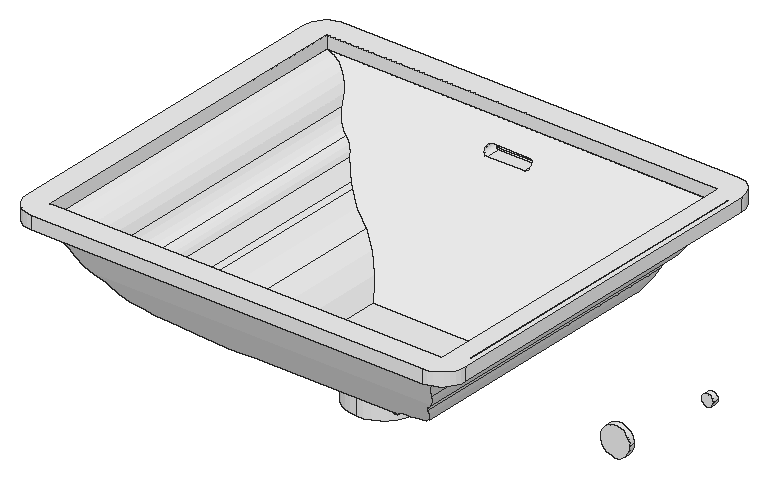
Revit family "Lavatory-Undercounter_Transitional_LT626_TOTO", category Plumbing Fixtures, host Face, Revit 2013
Parameters (values of type "Temp")
  ecoScorecard_data = "http://toto.ecoscorecard.com/product/LT626"
  ecoScorecard Product Page = "http://toto.ecoscorecard.com/product/LT626"
  Width = 19"  # constant formula
  Waste Connection NPT Radius = 5/8"
  Waste Connection = yes
  Warranty URL = "http://www.totousa.com/warranty-registration"
  Warranty = "One Year Limited Warranty"  # constant formula
  WFU = 0
  Vent Connection = yes
  URL = "http://www.totousa.com"
  Toto BIM Number = "BM-00061"  # constant formula
  Subcategory = "Lavatories"  # constant formula
  Style = "Transitional"  # constant formula
  Spec Sheet URL = "http://assets.totousa.com/product-files/SS-00437_LT626_G.pdf"
  Sink Type = "Lavatory"  # constant formula
  Sink Configuration = "Single Sink"  # constant formula
  Shipping Weight = 24.50 lbf
  Series = "Aimes"  # constant formula
  SanoGloss Available = yes
  Sanitary Connector = "Sanitary Connection"  # constant formula
  Product Page URL = " "
  Parts Manual URL = " "
  Offset From Countertop = 1"
  Mounting = "Undercounter"  # constant formula
  Model = "LT626"  # constant formula
  Material = "Vitreous China"  # constant formula
  Manufacturer Toll Free Phone = "1-888-295-8134"  # constant formula
  Manufacturer Phone = "(770) 282-8686"  # constant formula
  Manufacturer Fax = "(770) 282-0002"  # constant formula
  Manufacturer Email = "mailto:custservice@totousa.com"
  Manufacturer Address = "1155 Southern Road, Morrow, Georgia 30260"  # constant formula
  Manufacturer = "TOTO USA, Inc."  # constant formula
  Installation URL = " "
  Industry Standards = "Meets and exceeds ASME A112.19.2/CSA B45.1"  # constant formula
  Hot Water Connector = "Hot Water Connection"  # constant formula
  Hot Water Connection Radius = 1/4"
  Height = 7 7/8"  # constant formula
  HWFU = 0
  HW Connection = yes
  Finish = Vitreous China - TOTO - 01 Cotton
  Description = "Undercounter Lavatory"  # constant formula
  Depth = 17"  # constant formula
  Default Elevation = 0"
  Cost Info = "mailto:custservice@totousa.com"
  Color Availability = "#01 Cotton, #03 Bone, #11 Colonial White, #12 Sedona Beige, #51 Ebony"  # constant formula
  Cold Water Connector = "Cold Water Connection"  # constant formula
  Cold Water Connection Radius = 1/4"
  Code Compliance = "UPC, IPC, NSPC, NPC Canada, and others"  # constant formula
  Certifications = "IAPMO(cUPC), State of Massachusetts , City of Los Angeles, and others"  # constant formula
  CWFU = 0
  CW Connection = yes
  CAD Drawing URL = "http://assets.totousa.com/product-files/AD-00299_LT626_G.dxf"
  Basin Width = 17"
  Basin Depth = 15"
  Assembly Code = "D2010310"
  ADA Compliant = yes
  95 CSI = "15410"  # constant formula
  04 CSI = "22 42 16"  # constant formula
Reference planes (in)
  plane 1 "Center (Front/Back)": y = 0
  plane 2 "Bottom": z = 0
  plane 3 "Center (Left/Right)": x = 0
  plane 4 "Back": y = 8.5
  plane 5 "Front": y = -8.5
  plane 6 "Right": x = 9.5
  plane 7 "Left": x = -9.5
  plane 8: z = -1
  plane 9: z = -8.875
Forms (in)
  Extrusion 1, void
    sketch origin (-18.4375, -180, 35.125) x (-1, 0, 0) y (0, -1, 0)
      loop
        line (-9.9375, -187.5) -> (-9.9375, -172.5) -> (-26.9375, -172.5) -> (-26.9375, -187.5) -> (-9.9375, -187.5)
    from -35.125 to -44
Dimensions and locks (in)
  equal spacing: plane 7 "Left", plane 3 "Center (Left/Right)", plane 6 "Right"
  equal spacing: plane 4 "Back", plane 1 "Center (Front/Back)", plane 5 "Front"
  "Depth": plane 4 "Back" to plane 5 "Front"
  "Width": plane 7 "Left" to plane 6 "Right"
  "Height": plane 8 to plane 9
  "Offset From Countertop": host face to plane 8
  aligned and locked: plane 2 "Bottom" to host face
  aligned and locked: level to host face
  aligned and locked: Extrusion 1 sketch curve to nested 1  (x4)
  aligned: plane 8 to Extrusion 1
  aligned and locked: Extrusion 1 to plane 9
  aligned and locked: plane 8 to nested 1
  aligned: Extrusion 1 to plane 8
  aligned and locked: plane 9 to Extrusion 1
  aligned and locked: level to Extrusion 1
Automatic sketch dimensions
  host sketch curve to host sketch curve = 96"  (x2)
Nested families (in)
  nested 1: "LT626" at (0, 0, 0), type "LT626"
Connectors (in)
  piping at (-4, 12.75, -13), driven by "Hot Water Connection Radius", driven by "HWFU", driven by "HW Connection", driven by "HW Connection", driven by "Hot Water Connector"
    settings: on nested 1, index 1, connector radius 1/4", flow factor 0, pipe flow 0 GPM, pressure drop 0.00 psi, fitting loss kfactor 0, connector angle 0.00°, fixture units 0, engagement length 0", flow configuration 3, flow direction 1, fitting loss method 0, system type 19, joint type 0, gender type 0, connector reference index -1, connector utility 1, adjustable connector yes, is connector primary yes, fitting loss table "", connector description "Hot Water Connection"
  piping at (4, 12.75, -13), driven by "Cold Water Connection Radius", driven by "CWFU", driven by "CW Connection", driven by "CW Connection", driven by "Cold Water Connector"
    settings: on nested 1, index 2, connector radius 1/4", flow factor 0, pipe flow 0 GPM, pressure drop 0.00 psi, fitting loss kfactor 0, connector angle 0.00°, fixture units 0, engagement length 0", flow configuration 3, flow direction 1, fitting loss method 0, system type 20, joint type 0, gender type 0, connector reference index -1, connector utility 1, adjustable connector yes, is connector primary no, fitting loss table "", connector description "Cold Water Connection"
  piping at (0, 12.75, -16), driven by "Waste Connection NPT Radius", driven by "WFU", driven by "Waste Connection", driven by "Waste Connection", driven by "Sanitary Connector"
    settings: on nested 1, index 3, connector radius 5/8", flow factor 0, pipe flow 0 GPM, pressure drop 0.00 psi, fitting loss kfactor 0, connector angle 0.00°, fixture units 0, engagement length 0", flow configuration 3, flow direction 2, fitting loss method 0, system type 16, joint type 0, gender type 0, connector reference index -1, connector utility 1, adjustable connector yes, is connector primary no, fitting loss table "", connector description "Sanitary Connection"
Definition of nested family "LT626"
  Parameters (values of type "LT626")
    Width = 19"  # constant formula
    Waste Connection = yes
    WFU = 0
    Vent Connection = yes
    URL = ""
    Model = ""
    Manufacturer = ""
    Lavatory Material = Vitreous China - TOTO - 01 Cotton
    Height = 7 7/8"  # constant formula
    HWFU = 0
    HW Connection = yes
    Description = ""
    Depth = 17"  # constant formula
    CWFU = 0
    CW Connection = yes
    Assembly Code = ""
  Reference planes (in)
    plane 1 "Center (Front/Back)": y = 0
    plane 2: z = 0
    plane 3 "Center (Left/Right)": x = 0
    plane 4: z = -1
    plane 5: z = -8.875
    plane 6: y = 8.5
    plane 7: y = -8.5
    plane 8: x = 9.5
    plane 9: x = -9.5
    plane 10: z = -34
    plane 11: z = -16
    plane 12: z = -13
    plane 13: z = -1.5625
    plane 14: z = -7.375
    plane 15 "Wall Closure": y = 12.5
    plane 16: x = -4
    plane 17: x = 4
    plane 18: z = -7.125
  Forms (in)
    Extrusion 1, solid, material "Vitreous China - TOTO - 01 Cotton" <- "Lavatory Material", detail levels medium+fine
      sketch origin (0, 8, -1) x (0, 1, 0) y (-1, 0, 0)
        loop
          line (-16.5, 8.46875) -> (-16.5, -8.46875)
          arc (-16.5, -8.46875) -> (-16.19795, -9.19795) -> (-15.46875, -9.5) r 1.03125
          line (-15.46875, -9.5) -> (-0.53125, -9.5)
          arc (-0.53125, -9.5) -> (0.19795, -9.19795) -> (0.5, -8.46875) r 1.03125
          line (0.5, -8.46875) -> (0.5, 8.46875)
          arc (0.5, 8.46875) -> (0.19795, 9.19795) -> (-0.53125, 9.5) r 1.03125
          line (-0.53125, 9.5) -> (-15.46875, 9.5)
          arc (-15.46875, 9.5) -> (-16.19795, 9.19795) -> (-16.5, 8.46875) r 1.03125
        loop
          line (-0.5, 8.5) -> (-15.5, 8.5) -> (-15.5, -8.5) -> (-0.5, -8.5) -> (-0.5, 8.5)
      from 0 to -0.5625
    Extrusion 2, solid, material "Vitreous China - TOTO - 01 Cotton" <- "Lavatory Material", detail levels fine
      sketch origin (16, -8.5, 48) x (1, 0, 0) y (0, 0, -1)
        loop
          line (-25.5, 56.875) -> (-25.5, 49.5625) -> (-6.5, 49.5625) -> (-6.5, 56.875) -> (-25.5, 56.875)
      from 0 to 17
    Extrusion 3, void
      sketch origin (16, -8.5, 48) x (-1, 0, 0) y (0, 0, -1)
        loop
          arc (22.90796, 52.12557) -> (22.97816, 51.97418) -> (23.09427, 51.85431) r 0.50006
          arc (23.09427, 51.85431) -> (23.47835, 51.45803) -> (23.71098, 50.95759) r 1.65683
          arc (23.71098, 50.95759) -> (24.06554, 50.18361) -> (24.64775, 49.5625) r 2.643
          line (24.64775, 49.5625) -> (25.5, 49.5625) -> (25.5, 56.875) -> (6.5, 56.875) -> (6.5, 49.5625) -> (7.35225, 49.5625)
          arc (7.35225, 49.5625) -> (7.93446, 50.18361) -> (8.28902, 50.95759) r 2.643
          arc (8.28902, 50.95759) -> (8.52165, 51.45803) -> (8.90573, 51.85431) r 1.65683
          arc (8.90573, 51.85431) -> (9.02184, 51.97418) -> (9.09204, 52.12557) r 0.50006
          arc (9.09204, 52.12557) -> (9.37922, 52.72609) -> (9.85911, 53.18739) r 1.86381
          arc (9.85911, 53.18739) -> (10.19615, 53.3604) -> (10.56316, 53.45435) r 1.69724
          arc (10.56316, 53.45435) -> (11.76106, 53.87679) -> (12.67383, 54.76013) r 2.97693
          arc (12.67383, 54.76013) -> (12.87041, 54.96556) -> (13.12593, 55.09029) r 0.80909
          arc (13.12593, 55.09029) -> (13.50031, 55.2221) -> (13.8845, 55.32176) r 4.68628
          arc (13.8845, 55.32176) -> (14.13395, 55.36165) -> (14.38621, 55.375) r 2.39055
          line (14.38621, 55.375) -> (17.61379, 55.375)
          arc (17.61379, 55.375) -> (17.86605, 55.36165) -> (18.1155, 55.32176) r 2.39055
          arc (18.1155, 55.32176) -> (18.49969, 55.2221) -> (18.87407, 55.09029) r 4.68628
          arc (18.87407, 55.09029) -> (19.12959, 54.96556) -> (19.32617, 54.76013) r 0.80909
          arc (19.32617, 54.76013) -> (20.23894, 53.87679) -> (21.43684, 53.45435) r 2.97693
          arc (21.43684, 53.45435) -> (21.80385, 53.3604) -> (22.14089, 53.18739) r 1.69724
          arc (22.14089, 53.18739) -> (22.62078, 52.72609) -> (22.90796, 52.12557) r 1.86381
      from 0 to -17
    Extrusion 4, void
      sketch origin (9.5, 15.01517, 48) x (0, 1, 0) y (0, 0, 1)
        loop
          line (-22.79396, -49.5625) -> (-23.51517, -49.5625) -> (-23.51517, -56.875) -> (-6.51517, -56.875) -> (-6.51517, -49.5625) -> (-7.23639, -49.5625)
          arc (-7.23639, -49.5625) -> (-9.14155, -52.62155) -> (-11.8659, -54.98065) r 12.05334
          arc (-11.8659, -54.98065) -> (-12.45257, -55.25522) -> (-13.08915, -55.375) r 2.57977
          line (-13.08915, -55.375) -> (-16.9412, -55.375)
          arc (-16.9412, -55.375) -> (-17.57777, -55.25522) -> (-18.16445, -54.98065) r 2.57977
          arc (-18.16445, -54.98065) -> (-20.8888, -52.62155) -> (-22.79396, -49.5625) r 12.05334
      from 0 to -19
    Extrusion 5, solid, material "Vitreous China - TOTO - 01 Cotton" <- "Lavatory Material", detail levels fine
      sketch origin (0, 8, -8.875) x (0, 1, 0) y (-1, 0, 0)
        loop
          circle (-8, 0) r 1.5
      from 0 to 1.5
    Extrusion 6, solid, material "Vitreous China - TOTO - 01 Cotton" <- "Lavatory Material", detail levels fine
      sketch origin (0, 0, 0) x (0, 1, 0) y (0, 0, 1)
        loop
          line (8.2, -2.33637) -> (8.2, -1.5625) -> (7.77879, -1.5625)
          arc (7.77879, -1.5625) -> (5.87362, -4.62155) -> (3.14927, -6.98065) r 12.05334
          arc (3.14927, -6.98065) -> (2.5626, -7.25522) -> (1.92603, -7.375) r 2.57977
          line (1.92603, -7.375) -> (0, -7.375) -> (0, -8.375) -> (1.95363, -8.375)
          arc (1.95363, -8.375) -> (2.85395, -8.21194) -> (3.68352, -7.82598) r 3.57977
          arc (3.68352, -7.82598) -> (6.0045, -5.95669) -> (7.84102, -3.6097) r 13.05334
          arc (7.84102, -3.6097) -> (8.10854, -2.99785) -> (8.2, -2.33637) r 2.4378
      from 1.5 to -1.5
    Extrusion 7, solid, material "Vitreous China - TOTO - 01 Cotton" <- "Lavatory Material"
      sketch origin (16, 12.5, 48) x (1, 0, 0) y (0, 0, 1)
        loop
          circle (-16, -64) r 0.625
      from 0 to -0.25
    Extrusion 8, solid, material "Vitreous China - TOTO - 01 Cotton" <- "Lavatory Material"
      sketch origin (16, 12.5, 48) x (1, 0, 0) y (0, 0, 1)
        loop
          circle (-12, -61) r 0.25
        loop
          circle (-20, -61) r 0.25
      from 0 to -0.25
    SweptBlend 9, void
      path origin (0, 0, 0) x (0, 1, 0) y (0, 0, 1)
        loop
          line (0, -1.5625) -> (0, -7.125)
      profile origin (0, 0, -1.5625) x (1, 0, 0) y (0, 1, 0)
        loop
          line (-8.5, -7.5) -> (8.5, -7.5) -> (8.5, 7.5) -> (-8.5, 7.5) -> (-8.5, -7.5)
      end profile origin (0, 0, -7.125) x (1, 0, 0) y (0, 1, 0)
        loop
          line (2.5, 2.5) -> (-2.5, 2.5) -> (-2.5, -2.5) -> (2.5, -2.5) -> (2.5, 2.5)
    Extrusion 10, void
      sketch origin (0, 8, -8.875) x (-1, 0, 0) y (0, 1, 0)
        loop
          circle (0, -8) r 0.86615
      from 0 to -1.75
    Extrusion 11, solid, material "Vitreous China - TOTO - 01 Cotton" <- "Lavatory Material", detail levels medium+fine
      sketch origin (0, 0, 0) x (1, 0, 0) y (0, 0, 1)
        loop
          line (2.5, -7.125) -> (2.61342, -7.125) -> (4, -5.73842) -> (6.70624, -3.77222) -> (8.5, -1.5625)
          arc (8.5, -1.5625) -> (7.5637, -1.95242) -> (6.98763, -2.78719) r 1.79714
          arc (6.98763, -2.78719) -> (6.70811, -3.16793) -> (6.3174, -3.43331) r 1.3924
          arc (6.3174, -3.43331) -> (6.04261, -3.62366) -> (5.85226, -3.89845) r 0.93571
          arc (5.85226, -3.89845) -> (5.02679, -4.7878) -> (4, -5.43436) r 4.66843
          arc (4, -5.43436) -> (3.14526, -6.18675) -> (2.5, -7.125) r 4.63014
        loop
          arc (-2.5, -7.125) -> (-3.14526, -6.18675) -> (-4, -5.43436) r 4.63014
          arc (-4, -5.43436) -> (-5.02679, -4.7878) -> (-5.85226, -3.89845) r 4.66843
          arc (-5.85226, -3.89845) -> (-6.04261, -3.62366) -> (-6.3174, -3.43331) r 0.93571
          arc (-6.3174, -3.43331) -> (-6.70811, -3.16793) -> (-6.98763, -2.78719) r 1.3924
          arc (-6.98763, -2.78719) -> (-7.5637, -1.95242) -> (-8.5, -1.5625) r 1.79714
          line (-8.5, -1.5625) -> (-6.70624, -3.77222) -> (-4, -5.73842) -> (-2.61342, -7.125) -> (-2.5, -7.125)
      from 7.5 to -7.5
    Extrusion 12, void
      sketch origin (9.5, 15.01517, 48) x (0, 1, 0) y (0, 0, 1)
        loop
          line (-17.61069, -55.375) -> (-17.61069, -55.125) -> (-22.63894, -49.5625) -> (-23.19861, -49.5625) -> (-23.19861, -55.375) -> (-17.61069, -55.375)
        loop
          line (-12.41965, -55.375) -> (-6.83173, -55.375) -> (-6.83173, -49.5625) -> (-7.3914, -49.5625) -> (-12.41965, -55.125) -> (-12.41965, -55.375)
      from 0 to -19
    Extrusion 13, void
      sketch origin (0, 0, 0) x (-1, 0, 0) y (0, 0, 1)
        loop
          line (0.8125, -2.24676) -> (-0.8125, -2.24676)
          arc (-0.8125, -2.24676) -> (-1, -2.43426) -> (-0.8125, -2.62176) r 0.1875
          line (-0.8125, -2.62176) -> (0.8125, -2.62176)
          arc (0.8125, -2.62176) -> (1, -2.43426) -> (0.8125, -2.24676) r 0.1875
      from 0 to 8
    Extrusion 14, solid, material "Vitreous China - TOTO - 01 Cotton" <- "Lavatory Material", detail levels medium
      sketch origin (16, -8.5, 48) x (1, 0, 0) y (0, 0, -1)
        loop
          line (-25.5, 56.875) -> (-25.5, 49.5625) -> (-6.5, 49.5625) -> (-6.5, 56.875) -> (-25.5, 56.875)
      from 0 to 17
    Extrusion 15, solid, material "Vitreous China - TOTO - 01 Cotton" <- "Lavatory Material", detail levels medium
      sketch origin (0, 8, -1) x (0, 1, 0) y (-1, 0, 0)
        loop
          circle (-8, 0) r 1.5
      from -6.375 to -7.875
    Extrusion 16, solid, material "Vitreous China - TOTO - 01 Cotton" <- "Lavatory Material", detail levels coarse
      sketch origin (0, 0, 0) x (0, 1, 0) y (0, 0, 1)
        loop
          line (8.5, -1) -> (-8.5, -1) -> (-8.5, -7.375) -> (8.5, -7.375) -> (8.5, -1)
      from 9.5 to -9.5
    Extrusion 17, solid, material "Vitreous China - TOTO - 01 Cotton" <- "Lavatory Material", detail levels coarse
      sketch origin (0, 8, -1) x (0, 1, 0) y (-1, 0, 0)
        loop
          line (-6.5, 1.5) -> (-9.5, 1.5) -> (-9.5, -1.5) -> (-6.5, -1.5) -> (-6.5, 1.5)
      from -6.375 to -7.875
    Extrusion 18, solid, material "Vitreous China - TOTO - 01 Cotton" <- "Lavatory Material", detail levels medium
      sketch origin (0, 0, 0) x (0, 1, 0) y (0, 0, 1)
        loop
          line (8.2, -2.33637) -> (8.2, -1.5625) -> (7.77879, -1.5625)
          arc (7.77879, -1.5625) -> (5.87362, -4.62155) -> (3.14927, -6.98065) r 12.05334
          arc (3.14927, -6.98065) -> (2.5626, -7.25522) -> (1.92603, -7.375) r 2.57977
          line (1.92603, -7.375) -> (0, -7.375) -> (0, -8.375) -> (1.95363, -8.375)
          arc (1.95363, -8.375) -> (2.85395, -8.21194) -> (3.68352, -7.82598) r 3.57977
          arc (3.68352, -7.82598) -> (6.0045, -5.95669) -> (7.84102, -3.6097) r 13.05334
          arc (7.84102, -3.6097) -> (8.10854, -2.99785) -> (8.2, -2.33637) r 2.4378
      from 1.5 to -1.5
  Cuts and joins
    Extrusion 3, Extrusion 4, SweptBlend 9, Extrusion 12 cuts Extrusion 1
    Extrusion 3, Extrusion 4, SweptBlend 9, Extrusion 10, Extrusion 13 cuts Extrusion 2
    SweptBlend 9, Extrusion 10, Extrusion 13 cuts Extrusion 6
    Extrusion 12, Extrusion 13 cuts Extrusion 11
    Extrusion 3, Extrusion 4, SweptBlend 9 cuts Extrusion 14
    SweptBlend 9, Extrusion 10, Extrusion 12, Extrusion 13 cuts Extrusion 5
    joined: Extrusion 15, Extrusion 18
  Lines and regions (in)
    symbolic lines, detail levels medium+fine
      curve 1: line (-8.5, 7.5, -1) -> (8.5, 7.5, -1)
      curve 2: line (-8.5, -7.5, -1) -> (-8.5, 7.5, -1)
      curve 3: line (8.5, -7.5, -1) -> (-8.5, -7.5, -1)
      curve 4: line (8.5, 7.5, -1) -> (8.5, -7.5, -1)
      curve 5: line (2.5, 2.5, -1) -> (-2.5, 2.5, -1)
      curve 6: line (2.5, 2.5, -1) -> (2.5, -2.5, -1)
      curve 7: line (-2.5, -2.5, -1) -> (2.5, -2.5, -1)
      curve 8: line (-2.5, 2.5, -1) -> (-2.5, -2.5, -1)
      curve 15: line (-9.5, 0, -1.5625) -> (9.5, 0, -1.5625)
      curve 16: arc (8.64775, 0, -1.5625) -> (8.06554, 0, -2.18361) -> (7.71098, 0, -2.95759) r 2.643
      curve 17: arc (7.71098, 0, -2.95759) -> (7.47835, 0, -3.45803) -> (7.09427, 0, -3.85431) r 1.65683
      curve 18: arc (7.09427, 0, -3.85431) -> (6.97816, 0, -3.97418) -> (6.90796, 0, -4.12557) r 0.50006
      curve 19: arc (6.90796, 0, -4.12557) -> (6.62078, 0, -4.72609) -> (6.14089, 0, -5.18739) r 1.86381
      curve 20: arc (6.14089, 0, -5.18739) -> (5.80385, 0, -5.3604) -> (5.43684, 0, -5.45435) r 1.69724
      curve 21: arc (5.43684, 0, -5.45435) -> (4.23894, 0, -5.87679) -> (3.32617, 0, -6.76013) r 2.97693
      curve 22: arc (3.32617, 0, -6.76013) -> (3.12959, 0, -6.96556) -> (2.87407, 0, -7.09029) r 0.80909
      curve 23: arc (2.87407, 0, -7.09029) -> (2.49969, 0, -7.2221) -> (2.1155, 0, -7.32176) r 4.68628
      curve 24: arc (2.1155, 0, -7.32176) -> (1.86605, 0, -7.36165) -> (1.61379, 0, -7.375) r 2.39055
      curve 30: arc (-7.71098, 0, -2.95759) -> (-8.06554, 0, -2.18361) -> (-8.64775, 0, -1.5625) r 2.643
      curve 31: arc (-7.09427, 0, -3.85431) -> (-7.47835, 0, -3.45803) -> (-7.71098, 0, -2.95759) r 1.65683
      curve 32: arc (-6.90796, 0, -4.12557) -> (-6.97816, 0, -3.97418) -> (-7.09427, 0, -3.85431) r 0.50006
      curve 33: arc (-6.14089, 0, -5.18739) -> (-6.62078, 0, -4.72609) -> (-6.90796, 0, -4.12557) r 1.86381
      curve 34: arc (-5.43684, 0, -5.45435) -> (-5.80385, 0, -5.3604) -> (-6.14089, 0, -5.18739) r 1.69724
      curve 35: arc (-3.32617, 0, -6.76013) -> (-4.23894, 0, -5.87679) -> (-5.43684, 0, -5.45435) r 2.97693
      curve 36: arc (-2.1155, 0, -7.32176) -> (-2.49969, 0, -7.2221) -> (-2.87407, 0, -7.09029) r 4.68628
      curve 37: arc (-1.61379, 0, -7.375) -> (-1.86605, 0, -7.36165) -> (-2.1155, 0, -7.32176) r 2.39055
      curve 38: arc (-2.87407, 0, -7.09029) -> (-3.12959, 0, -6.96556) -> (-3.32617, 0, -6.76013) r 0.80909
      curve 45: line (0, 8.5, -1.5625) -> (0, -8.5, -1.5625)
      curve 46: arc (0, -3.14927, -6.98065) -> (0, -5.87362, -4.62155) -> (0, -7.77879, -1.5625) r 12.05334
      curve 47: arc (0, 7.77879, -1.5625) -> (0, 5.87362, -4.62155) -> (0, 3.14927, -6.98065) r 12.05334
      curve 48: arc (0, 3.14927, -6.98065) -> (0, 2.5626, -7.25522) -> (0, 1.92603, -7.375) r 2.57977
      curve 49: arc (0, -1.92603, -7.375) -> (0, -2.5626, -7.25522) -> (0, -3.14927, -6.98065) r 2.57977
      curve 57: line (0, 8.2, -2.33637) -> (0, 8.2, -1.5625)
      curve 58: arc (0, 7.84102, -3.6097) -> (0, 8.10854, -2.99785) -> (0, 8.2, -2.33637) r 2.4378
      curve 59: arc (0, 3.68352, -7.82598) -> (0, 6.0045, -5.95669) -> (0, 7.84102, -3.6097) r 13.05334
      curve 60: arc (0, 1.95363, -8.375) -> (0, 2.85395, -8.21194) -> (0, 3.68352, -7.82598) r 3.57977
      curve 61: line (0, 0, -8.375) -> (0, 1.95363, -8.375)
      curve 62: line (0, -5.09076, -5.45435) -> (0, 5.09076, -5.45435)
      curve 63: line (0, -2.95818, -7.09029) -> (0, 2.95818, -7.09029)
      curve 68: arc (9.5, 7.46875, -1) -> (9.19795, 8.19795, -1) -> (8.46875, 8.5, -1) r 1.03125
      curve 69: arc (-8.46875, 8.5, -1) -> (-9.19795, 8.19795, -1) -> (-9.5, 7.46875, -1) r 1.03125
      curve 70: arc (-9.5, -7.46875, -1) -> (-9.19795, -8.19795, -1) -> (-8.46875, -8.5, -1) r 1.03125
      curve 71: arc (8.46875, -8.5, -1) -> (9.19795, -8.19795, -1) -> (9.5, -7.46875, -1) r 1.03125
      curve 84: line (-6.98763, 6.50558, -1) -> (-6.98763, -6.38268, -1)
      curve 85: line (-5.85226, 5.2038, -1) -> (-5.85226, -5.22755, -1)
      curve 86: spline (-6.98763, 6.50558, -1) -> (-7.02132, 6.6053, -1) -> (-7.06479, 6.70331, -1) -> (-7.11786, 6.79916, -1) -> (-7.1803, 6.89244, -1) -> (-7.25182, 6.98274, -1) -> (-7.33212, 7.06966, -1) -> (-7.42084, 7.15281, -1) -> (-7.51758, 7.23184, -1) -> (-7.62193, 7.30639, -1) -> (-7.73343, 7.37613, -1) -> (-7.85158, 7.44077, -1) -> (-7.97586, 7.5, -1)
      curve 87: spline (-6.90723, 6.27532, -1) -> (-6.877, 6.19333, -1) -> (-6.84017, 6.11161, -1) -> (-6.79682, 6.0304, -1) -> (-6.74707, 5.94989, -1) -> (-6.69104, 5.87029, -1) -> (-6.62889, 5.79182, -1) -> (-6.56077, 5.71466, -1) -> (-6.48685, 5.63902, -1) -> (-6.40733, 5.56509, -1) -> (-6.32241, 5.49306, -1) -> (-6.23231, 5.42313, -1) -> (-6.13726, 5.35546, -1)
      curve 88: spline (-6.13726, 5.35546, -1) -> (-6.08778, 5.32322, -1) -> (-6.0363, 5.29265, -1) -> (-5.98292, 5.2638, -1) -> (-5.92776, 5.23674, -1) -> (-5.87093, 5.21153, -1) -> (-5.81254, 5.18821, -1) -> (-5.75272, 5.16684, -1) -> (-5.69159, 5.14745, -1) -> (-5.62928, 5.1301, -1) -> (-5.56591, 5.1148, -1) -> (-5.50162, 5.1016, -1) -> (-5.43653, 5.09052, -1)
      curve 89: line (-5.43653, 5.09052, -1) -> (-3.32617, 3.48563, -1)
      curve 90: spline (-3.32617, 3.48563, -1) -> (-3.31276, 3.45574, -1) -> (-3.29845, 3.42612, -1) -> (-3.28325, 3.3968, -1) -> (-3.26717, 3.3678, -1) -> (-3.25022, 3.33913, -1) -> (-3.23242, 3.31081, -1) -> (-3.21376, 3.28286, -1) -> (-3.19427, 3.2553, -1) -> (-3.17396, 3.22814, -1) -> (-3.15283, 3.20141, -1) -> (-3.13091, 3.17511, -1) -> (-3.10821, 3.14927, -1)
      curve 91: spline (-3.10821, 3.14927, -1) -> (-3.09175, 3.13102, -1) -> (-3.07469, 3.11314, -1) -> (-3.05703, 3.09566, -1) -> (-3.0388, 3.07857, -1) -> (-3.02, 3.06191, -1) -> (-3.00066, 3.04569, -1) -> (-2.98079, 3.02991, -1) -> (-2.9604, 3.01459, -1) -> (-2.93952, 2.99975, -1) -> (-2.91816, 2.98539, -1) -> (-2.89634, 2.97153, -1) -> (-2.87407, 2.95818, -1)
      curve 92: spline (-2.87407, 2.95818, -1) -> (-2.82702, 2.92223, -1) -> (-2.78007, 2.88586, -1) -> (-2.73324, 2.84907, -1) -> (-2.68652, 2.81187, -1) -> (-2.63993, 2.77426, -1) -> (-2.59347, 2.73625, -1) -> (-2.54714, 2.69784, -1) -> (-2.50096, 2.65904, -1) -> (-2.45492, 2.61985, -1) -> (-2.40904, 2.58027, -1) -> (-2.36332, 2.54032, -1) -> (-2.31777, 2.5, -1)
      curve 93: spline (-7.1041, -6.4827, -1) -> (-7.17745, -6.52594, -1) -> (-7.24715, -6.57055, -1) -> (-7.31302, -6.61642, -1) -> (-7.3749, -6.66343, -1) -> (-7.43265, -6.71146, -1) -> (-7.48612, -6.76041, -1) -> (-7.53517, -6.81015, -1) -> (-7.57969, -6.86056, -1) -> (-7.61957, -6.91151, -1) -> (-7.65471, -6.96288, -1) -> (-7.68503, -7.01454, -1) -> (-7.71044, -7.06638, -1)
      curve 94: spline (-6.90862, -6.27756, -1) -> (-6.91617, -6.29763, -1) -> (-6.92543, -6.31732, -1) -> (-6.93638, -6.3366, -1) -> (-6.94897, -6.35539, -1) -> (-6.96319, -6.37366, -1) -> (-6.97898, -6.39135, -1) -> (-6.9963, -6.40841, -1) -> (-7.01511, -6.4248, -1) -> (-7.03535, -6.44046, -1) -> (-7.05697, -6.45536, -1) -> (-7.07991, -6.46945, -1) -> (-7.1041, -6.4827, -1)
      curve 95: spline (-6.18726, -5.39016, -1) -> (-6.27603, -5.45687, -1) -> (-6.36016, -5.52547, -1) -> (-6.43945, -5.59579, -1) -> (-6.51373, -5.66766, -1) -> (-6.5828, -5.74092, -1) -> (-6.64651, -5.81539, -1) -> (-6.7047, -5.89089, -1) -> (-6.75725, -5.96724, -1) -> (-6.80401, -6.04427, -1) -> (-6.84489, -6.12179, -1) -> (-6.87979, -6.19962, -1) -> (-6.90862, -6.27756, -1)
      curve 96: spline (-5.4367, -5.09066, -1) -> (-5.50745, -5.10397, -1) -> (-5.57725, -5.11957, -1) -> (-5.64593, -5.13742, -1) -> (-5.71333, -5.15747, -1) -> (-5.77927, -5.17967, -1) -> (-5.8436, -5.20396, -1) -> (-5.90616, -5.2303, -1) -> (-5.9668, -5.25861, -1) -> (-6.02537, -5.28883, -1) -> (-6.08173, -5.32088, -1) -> (-6.13574, -5.35468, -1) -> (-6.18726, -5.39016, -1)
      curve 97: line (-3.32617, -3.48563, -1) -> (-5.4367, -5.09066, -1)
      curve 98: spline (-3.10821, -3.14927, -1) -> (-3.13085, -3.17555, -1) -> (-3.15272, -3.2022, -1) -> (-3.1738, -3.22921, -1) -> (-3.19408, -3.25657, -1) -> (-3.21356, -3.28425, -1) -> (-3.23221, -3.31224, -1) -> (-3.25002, -3.34052, -1) -> (-3.26699, -3.36907, -1) -> (-3.28309, -3.39787, -1) -> (-3.29834, -3.42692, -1) -> (-3.3127, -3.45618, -1) -> (-3.32617, -3.48563, -1)
      curve 99: spline (-2.87407, -2.95818, -1) -> (-2.89628, -2.97184, -1) -> (-2.91805, -2.98596, -1) -> (-2.93937, -3.00052, -1) -> (-2.96023, -3.01551, -1) -> (-2.9806, -3.03091, -1) -> (-3.00046, -3.04672, -1) -> (-3.01981, -3.06291, -1) -> (-3.03862, -3.07949, -1) -> (-3.05688, -3.09643, -1) -> (-3.07458, -3.11371, -1) -> (-3.09169, -3.13133, -1) -> (-3.10821, -3.14927, -1)
      curve 100: spline (-2.31605, -2.5, -1) -> (-2.36156, -2.54048, -1) -> (-2.40727, -2.58057, -1) -> (-2.45318, -2.62024, -1) -> (-2.49927, -2.65951, -1) -> (-2.54555, -2.69835, -1) -> (-2.59201, -2.73678, -1) -> (-2.63863, -2.77478, -1) -> (-2.68542, -2.81234, -1) -> (-2.73236, -2.84947, -1) -> (-2.77945, -2.88616, -1) -> (-2.8267, -2.92239, -1) -> (-2.87407, -2.95818, -1)
      curve 101: arc (-7.71044, -7.06638, -1) -> (-7.87368, -7.30513, -1) -> (-8.08739, -7.5, -1) r 1.25062
      curve 102: spline (6.99824, -6.54048, -1) -> (7.03414, -6.6368, -1) -> (7.07921, -6.73137, -1) -> (7.13328, -6.82379, -1) -> (7.1961, -6.91369, -1) -> (7.26743, -7.00068, -1) -> (7.34697, -7.08442, -1) -> (7.43439, -7.16455, -1) -> (7.52932, -7.24073, -1) -> (7.63136, -7.31266, -1) -> (7.74011, -7.38003, -1) -> (7.8551, -7.44256, -1) -> (7.97586, -7.5, -1)
      curve 103: spline (6.2776, -5.91481, -1) -> (6.36113, -5.95209, -1) -> (6.44122, -5.99261, -1) -> (6.51759, -6.03625, -1) -> (6.58996, -6.08284, -1) -> (6.6581, -6.13222, -1) -> (6.72175, -6.18423, -1) -> (6.7807, -6.23867, -1) -> (6.83474, -6.29536, -1) -> (6.88368, -6.35409, -1) -> (6.92734, -6.41467, -1) -> (6.96557, -6.47687, -1) -> (6.99824, -6.54048, -1)
      curve 104: spline (5.85742, -5.52103, -1) -> (5.87723, -5.55985, -1) -> (5.90008, -5.59791, -1) -> (5.9259, -5.63512, -1) -> (5.95463, -5.67135, -1) -> (5.98617, -5.70651, -1) -> (6.02045, -5.7405, -1) -> (6.05737, -5.77323, -1) -> (6.09681, -5.8046, -1) -> (6.13868, -5.83452, -1) -> (6.18285, -5.86292, -1) -> (6.2292, -5.88971, -1) -> (6.2776, -5.91481, -1)
      curve 105: spline (3.99053, -4.11861, -1) -> (4.1859, -4.20784, -1) -> (4.37517, -4.3028, -1) -> (4.55797, -4.4033, -1) -> (4.73395, -4.50913, -1) -> (4.90274, -4.6201, -1) -> (5.06403, -4.73598, -1) -> (5.2175, -4.85654, -1) -> (5.36283, -4.98155, -1) -> (5.49975, -5.11076, -1) -> (5.62799, -5.24392, -1) -> (5.74729, -5.38077, -1) -> (5.85742, -5.52103, -1)
      curve 106: spline (2.45057, -2.5, -1) -> (2.53269, -2.65186, -1) -> (2.6238, -2.80139, -1) -> (2.72376, -2.94836, -1) -> (2.8324, -3.09253, -1) -> (2.94955, -3.23368, -1) -> (3.07502, -3.37157, -1) -> (3.20862, -3.50598, -1) -> (3.35013, -3.6367, -1) -> (3.49931, -3.76353, -1) -> (3.65595, -3.88625, -1) -> (3.81977, -4.00468, -1) -> (3.99053, -4.11861, -1)
      curve 107: spline (7.97586, 7.5, -1) -> (7.8551, 7.44256, -1) -> (7.74011, 7.38003, -1) -> (7.63136, 7.31266, -1) -> (7.52932, 7.24073, -1) -> (7.43439, 7.16455, -1) -> (7.34697, 7.08442, -1) -> (7.26743, 7.00068, -1) -> (7.1961, 6.91369, -1) -> (7.13328, 6.82379, -1) -> (7.07921, 6.73137, -1) -> (7.03414, 6.6368, -1) -> (6.99824, 6.54048, -1)
      curve 108: spline (6.99824, 6.54048, -1) -> (6.96557, 6.47687, -1) -> (6.92734, 6.41467, -1) -> (6.88368, 6.35409, -1) -> (6.83474, 6.29536, -1) -> (6.7807, 6.23867, -1) -> (6.72175, 6.18423, -1) -> (6.6581, 6.13222, -1) -> (6.58996, 6.08284, -1) -> (6.51759, 6.03625, -1) -> (6.44122, 5.99261, -1) -> (6.36113, 5.95209, -1) -> (6.2776, 5.91481, -1)
      curve 109: spline (6.2776, 5.91481, -1) -> (6.2292, 5.88971, -1) -> (6.18285, 5.86292, -1) -> (6.13868, 5.83452, -1) -> (6.09681, 5.8046, -1) -> (6.05737, 5.77323, -1) -> (6.02045, 5.7405, -1) -> (5.98617, 5.70651, -1) -> (5.95463, 5.67135, -1) -> (5.9259, 5.63512, -1) -> (5.90008, 5.59791, -1) -> (5.87723, 5.55985, -1) -> (5.85742, 5.52103, -1)
      curve 110: spline (5.85742, 5.52103, -1) -> (5.74729, 5.38077, -1) -> (5.62799, 5.24392, -1) -> (5.49975, 5.11076, -1) -> (5.36283, 4.98155, -1) -> (5.2175, 4.85654, -1) -> (5.06403, 4.73598, -1) -> (4.90274, 4.6201, -1) -> (4.73395, 4.50913, -1) -> (4.55797, 4.4033, -1) -> (4.37517, 4.3028, -1) -> (4.1859, 4.20784, -1) -> (3.99053, 4.11861, -1)
      curve 111: spline (3.99053, 4.11861, -1) -> (3.82851, 4.01073, -1) -> (3.6727, 3.89881, -1) -> (3.52334, 3.78301, -1) -> (3.38062, 3.66349, -1) -> (3.24477, 3.54043, -1) -> (3.11597, 3.41401, -1) -> (2.9944, 3.28441, -1) -> (2.88025, 3.1518, -1) -> (2.77368, 3.0164, -1) -> (2.67484, 2.87838, -1) -> (2.58387, 2.73794, -1) -> (2.5009, 2.5953, -1)
      curve 112: arc (-6.98763, 6.50558, -1) -> (-6.94501, 6.3913, -1) -> (-6.90723, 6.27532, -1) r 2.90805
      curve 113: line (-4, 4.43697, -1) -> (-4, -4.43253, -1)
      curve 114: line (6.98763, 6.51844, -1) -> (6.98763, -6.48156, -1)
      curve 115: line (5.85226, 5.50928, -1) -> (5.85226, -5.51217, -1)
      curve 116: line (4, 4.11717, -1) -> (4, -4.06303, -1)
      curve 118: line (-3.75, 12.75, -1) -> (-4.25, 12.75, -1)
      curve 119: line (-4.25, 12.75, -1) -> (-4.25, 12.5, -1)
      curve 120: line (-4.25, 12.5, -1) -> (-3.75, 12.5, -1)
      curve 121: line (-3.75, 12.5, -1) -> (-3.75, 12.75, -1)
    symbolic lines
      curve 9: line (9.5, 0, -1) -> (-9.5, 0, -1)
      curve 10: line (9.5, 0, -1) -> (9.5, 0, -1.5625)
      curve 11: line (-9.5, 0, -1) -> (-9.5, 0, -1.5625)
      curve 25: line (-1.61379, 0, -7.375) -> (1.61379, 0, -7.375)
      curve 27: line (-1.5, 0, -7.375) -> (-1.5, 0, -8.875)
      curve 28: line (-1.5, 0, -8.875) -> (1.5, 0, -8.875)
      curve 29: line (1.5, 0, -7.375) -> (1.5, 0, -8.875)
      curve 39: line (0, 8.5, -1) -> (0, -8.5, -1)
      curve 40: line (0, -8.5, -1) -> (0, -8.5, -1.5625)
      curve 41: line (0, 8.5, -1) -> (0, 8.5, -1.5625)
      curve 50: line (0, 1.92603, -7.375) -> (0, 1.5, -7.375)
      curve 51: line (0, 1.5, -7.375) -> (0, -1.50137, -7.375)
      curve 53: line (0, -1.50137, -7.375) -> (0, -2.00137, -7.375)
      curve 54: line (0, 1.5, -8.875) -> (0, -1.50137, -8.875)
      curve 55: line (0, 1.5, -8.875) -> (0, 1.5, -7.375)
      curve 56: line (0, -1.50137, -7.375) -> (0, -1.50137, -8.875)
      curve 72: line (9.5, -7.46875, -1) -> (9.5, 7.46875, -1)
      curve 76: line (-8.46875, 8.5, -1) -> (8.46875, 8.5, -1)
      curve 77: line (-9.5, 7.46875, -1) -> (-9.5, -7.5, -1)
      curve 79: line (-8.46875, -8.5, -1) -> (8.46875, -8.5, -1)
      curve 122: line (0.625, 12.75, -1) -> (-0.625, 12.75, -1)
      curve 123: line (-0.625, 12.75, -1) -> (-0.625, 12.5, -1)
      curve 124: line (-0.625, 12.5, -1) -> (0.625, 12.5, -1)
      curve 125: line (0.625, 12.5, -1) -> (0.625, 12.75, -1)
      curve 126: line (4.25, 12.75, -1) -> (3.75, 12.75, -1)
      curve 127: line (3.75, 12.75, -1) -> (3.75, 12.5, -1)
      curve 128: line (3.75, 12.5, -1) -> (4.25, 12.5, -1)
      curve 129: line (4.25, 12.5, -1) -> (4.25, 12.75, -1)
      curve 130: circle (-4, 0, -13) r 0.25 normal (0, -1, 0)
      curve 131: circle (4, 0, -13) r 0.25 normal (0, -1, 0)
      curve 132: circle (0, 0, -16) r 0.625 normal (0, -1, 0)
      curve 133: line (0, 12.75, -12.75) -> (0, 12.5, -12.75)
      curve 134: line (0, 12.75, -13.25) -> (0, 12.75, -12.75)
      curve 135: line (0, 12.5, -13.25) -> (0, 12.75, -13.25)
      curve 136: line (0, 12.5, -12.75) -> (0, 12.5, -13.25)
      curve 137: line (0, 12.75, -15.375) -> (0, 12.5, -15.375)
      curve 138: line (0, 12.75, -16.625) -> (0, 12.75, -15.375)
      curve 139: line (0, 12.5, -16.625) -> (0, 12.75, -16.625)
      curve 140: line (0, 12.5, -15.375) -> (0, 12.5, -16.625)
    symbolic lines, detail levels coarse
      curve 12: line (-9.5, 0, -1.5625) -> (-9.5, 0, -7.375)
      curve 13: line (-9.5, 0, -7.375) -> (-1.61379, 0, -7.375)
      curve 14: line (9.5, 0, -7.375) -> (9.5, 0, -1.5625)
      curve 26: line (1.5, 0, -7.375) -> (9.5, 0, -7.375)
      curve 42: line (0, 8.5, -1.5625) -> (0, 8.5, -7.375)
      curve 43: line (0, 8.5, -7.375) -> (0, 1.92603, -7.375)
      curve 44: line (0, -8.5, -7.375) -> (0, -8.5, -1.5625)
      curve 52: line (0, -2.00137, -7.375) -> (0, -8.5, -7.375)
      curve 64: line (-9.5, 8.5, -1) -> (-8.46875, 8.5, -1)
      curve 65: line (-9.5, 8.5, -1) -> (-9.5, 7.46875, -1)
      curve 66: line (-9.5, -8.5, -1) -> (-8.46875, -8.5, -1)
      curve 67: line (9.5, -8.5, -1) -> (9.5, -7.46875, -1)
      curve 73: line (8.46875, -8.5, -1) -> (9.5, -8.5, -1)
      curve 74: line (8.46875, 8.5, -1) -> (9.5, 8.5, -1)
      curve 75: line (9.5, 7.46875, -1) -> (9.5, 8.5, -1)
      curve 78: line (-9.5, -7.5, -1) -> (-9.5, -8.5, -1)
    symbolic lines, detail levels fine
      curve 80: line (-0.8125, 6.88493, -1) -> (0.8125, 6.88493, -1)
      curve 81: line (0.8125, 6.88493, -1) -> (0.8125, 6.54786, -1)
      curve 82: line (0.8125, 6.54786, -1) -> (-0.8125, 6.54786, -1)
      curve 83: line (-0.8125, 6.54786, -1) -> (-0.8125, 6.88493, -1)
      curve 117: circle (0, 0, -1) r 0.86615 normal (0, 0, 1)
  Dimensions and locks (in)
    equal spacing: plane 9, plane 3 "Center (Left/Right)", plane 8
    equal spacing: plane 6, plane 1 "Center (Front/Back)", plane 7
    "Depth": plane 6 to plane 7
    "Width": plane 9 to plane 8
    locked: plane 2 to plane 10 at 34
    "Height": plane 4 to plane 5
    locked: plane 11 to plane 10 at 18
    locked: plane 12 to plane 10 at 21
    locked: Extrusion 1 sketch curve to plane 8 at 1
    locked: plane 9 to Extrusion 1 sketch curve at 1
    locked: Extrusion 1 sketch curve to plane 6 at 1
    locked: Extrusion 1 sketch curve to plane 7 at 1
    locked: plane 4 to plane 13 at 0.5625
    locked: plane 3 "Center (Left/Right)" to Extrusion 3 sketch curve at 1.61379
    locked: plane 3 "Center (Left/Right)" to Extrusion 3 sketch curve at 3.32617
    locked: plane 3 "Center (Left/Right)" to Extrusion 3 sketch curve at 5.43684
    locked: plane 3 "Center (Left/Right)" to Extrusion 3 sketch curve at 6.90796
    locked: plane 3 "Center (Left/Right)" to Extrusion 3 sketch curve at 7.71098
    locked: plane 3 "Center (Left/Right)" to Extrusion 3 sketch curve at 8.64775
    locked: Extrusion 3 sketch curve to plane 3 "Center (Left/Right)" at 1.61379
    Extrusion 3 sketch curve to plane 3 "Center (Left/Right)" = 2.87407"
    locked: Extrusion 3 sketch curve to plane 3 "Center (Left/Right)" at 3.32617
    locked: Extrusion 3 sketch curve to plane 3 "Center (Left/Right)" at 5.43684
    locked: Extrusion 3 sketch curve to plane 3 "Center (Left/Right)" at 6.14089
    locked: Extrusion 3 sketch curve to plane 3 "Center (Left/Right)" at 6.90796
    locked: Extrusion 3 sketch curve to plane 3 "Center (Left/Right)" at 7.71098
    locked: Extrusion 3 sketch curve to plane 3 "Center (Left/Right)" at 8.64775
    locked: plane 3 "Center (Left/Right)" to Extrusion 3 sketch curve at 6.14089
    Extrusion 3 sketch curve to plane 5 = 1.55324"  (x2)
    locked: Extrusion 3 sketch curve to plane 5 at 2.11487
    locked: Extrusion 3 sketch curve to plane 5 at 3.42065  (x2)
    locked: Extrusion 3 sketch curve to plane 5 at 3.68761
    locked: Extrusion 3 sketch curve to plane 5 at 4.74943  (x2)
    locked: Extrusion 3 sketch curve to plane 5 at 5.91741  (x2)
    Extrusion 3 sketch curve to plane 5 = 1.78471"
    locked: Extrusion 3 sketch curve to plane 5 at 5.02069
    locked: plane 14 to plane 5 at 1.5
    locked: plane 7 to Extrusion 4 sketch curve at 0.72121
    locked: Extrusion 4 sketch curve to plane 6 at 0.72121
    Extrusion 4 sketch curve to plane 1 "Center (Front/Back)" to Extrusion 4 sketch curve = 1.92603" locked, 1.92603" locked
    locked: plane 7 to Extrusion 4 sketch curve at 5.35073
    locked: Extrusion 4 sketch curve to plane 6 at 5.35073
    locked: Extrusion 6 sketch curve to plane 5 at 0.5
    locked: Extrusion 6 sketch curve to plane 6 at 0.3
    locked: Extrusion 6 sketch curve to plane 6 at 0.72121
    locked: Extrusion 6 sketch curve to plane 6 at 6.54637
    locked: Extrusion 6 sketch curve to plane 6 at 4.81648
    locked: Extrusion 6 sketch curve to plane 6 at 0.65898
    locked: plane 1 "Center (Front/Back)" to Extrusion 6 sketch curve at 1.92603
    locked: plane 1 "Center (Front/Back)" to Extrusion 6 sketch curve at 3.14927
    locked: Extrusion 6 sketch curve to plane 5 at 1.04902
    locked: Extrusion 6 sketch curve to plane 5 at 5.2653
    locked: Extrusion 6 sketch curve to plane 5 at 6.53863
    locked: Extrusion 6 sketch curve to plane 5 at 1.89435
    plane 6 to plane 15 "Wall Closure" = 4"
    locked: plane 15 "Wall Closure" to Extrusion 7 at 0.25
    locked: plane 3 "Center (Left/Right)" to plane 16 at 4
    locked: plane 17 to plane 3 "Center (Left/Right)" at 4
    locked: plane 15 "Wall Closure" to Extrusion 8 at 0.25
    locked: plane 18 to plane 14 at 0.25
    SweptBlend 9 sketch curve to plane 1 "Center (Front/Back)" to SweptBlend 9 sketch curve = 7 1/2" locked, 7 1/2" locked
    SweptBlend 9 sketch curve to plane 3 "Center (Left/Right)" to SweptBlend 9 sketch curve = 8 1/2" locked, 8 1/2" locked
    SweptBlend 9 sketch curve to plane 3 "Center (Left/Right)" to SweptBlend 9 sketch curve = 2 1/2" locked, 2 1/2" locked
    SweptBlend 9 sketch curve to plane 1 "Center (Front/Back)" to SweptBlend 9 sketch curve = 2 1/2" locked, 2 1/2" locked
    Extrusion 11 sketch curve to plane 3 "Center (Left/Right)" to Extrusion 11 sketch curve = 2 1/2" locked, 2 1/2" locked
    locked: Extrusion 11 sketch curve to Extrusion 11 sketch curve at 0.11342  (x2)
    Extrusion 11 sketch curve to plane 3 "Center (Left/Right)" to Extrusion 11 sketch curve = 8 1/2" locked, 8 1/2" locked
    Extrusion 11 sketch curve to plane 3 "Center (Left/Right)" to Extrusion 11 sketch curve = 6.98763" locked, 6.98763" locked
    Extrusion 11 sketch curve to plane 3 "Center (Left/Right)" to Extrusion 11 sketch curve = 6.3174" locked, 6.3174" locked
    Extrusion 11 sketch curve to plane 3 "Center (Left/Right)" to Extrusion 11 sketch curve = 4" locked, 4" locked
    Extrusion 11 sketch curve to plane 3 "Center (Left/Right)" to Extrusion 11 sketch curve = 6.70624" locked, 6.70624" locked
    locked: plane 13 to Extrusion 11 sketch curve at 2.20972  (x2)
    locked: plane 7 to Extrusion 12 sketch curve at 0.31656
    locked: Extrusion 12 sketch curve to plane 6 at 0.31656
    locked: plane 7 to Extrusion 12 sketch curve at 0.87623
    locked: Extrusion 12 sketch curve to plane 6 at 0.87623
    Extrusion 12 sketch curve to plane 1 "Center (Front/Back)" to Extrusion 12 sketch curve = 2.59552" locked, 2.59552" locked
    plane 4 to Extrusion 13 sketch curve to Extrusion 13 sketch curve = 1.24676" locked, 3/8" locked
    Extrusion 13 sketch curve to plane 3 "Center (Left/Right)" to Extrusion 13 sketch curve = 13/16" locked, 13/16" locked
    locked: cut or joined group of Extrusion 6, SweptBlend 9, Extrusion 10, Extrusion 13 to plane 6 at 0.5
    locked: plane 2 to plane 4 at 1
    radius of Extrusion 1 sketch curve = 1 1/32"  (x4)
    radius of Extrusion 3 sketch curve = 2.97693"  (x2)
    radius of Extrusion 3 sketch curve = 1.86381"  (x2)
    radius of Extrusion 3 sketch curve = 1.69724"  (x2)
    radius of Extrusion 3 sketch curve = 2.643"  (x2)
    radius of Extrusion 5 sketch curve = 1 1/2"
    radius of Extrusion 4 sketch curve = 12.05334"  (x2)
    radius of Extrusion 4 sketch curve = 2.57977"  (x2)
    radius of Extrusion 3 sketch curve = 2.39055"  (x2)
    radius of Extrusion 3 sketch curve = 4.68628"  (x2)
    locked: Extrusion 7 sketch curve to Extrusion 7 sketch curve (radius 5/8")
    radius of Extrusion 8 sketch curve = 1/4"  (x2)
    radius of Extrusion 13 sketch curve = 3/16"  (x2)
    radius of Extrusion 10 sketch curve = 0.86615"
    aligned and locked: Extrusion 1 sketch curve to plane 7
    aligned and locked: Extrusion 1 sketch curve to plane 8
    aligned and locked: Extrusion 1 to plane 13
    aligned and locked: plane 4 to Extrusion 1
    aligned and locked: plane 9 to Extrusion 2 sketch curve
    aligned and locked: plane 5 to Extrusion 2 sketch curve
    aligned and locked: Extrusion 2 sketch curve to Extrusion 1  (x2)
    aligned and locked: Extrusion 2 to plane 7
    aligned and locked: Extrusion 2 to plane 6
    aligned and locked: Extrusion 3 sketch curve to plane 5
    aligned and locked: Extrusion 3 sketch curve to plane 9
    aligned and locked: Extrusion 3 sketch curve to plane 8
    aligned and locked: Extrusion 3 sketch curve to plane 13
    aligned and locked: plane 13 to Extrusion 3 sketch curve
    aligned and locked: cut or joined group of Extrusion 2, Extrusion 3, Extrusion 4, SweptBlend 9, Extrusion 10, Extrusion 13 to plane 6
    aligned and locked: cut or joined group of Extrusion 2, Extrusion 3, Extrusion 4, SweptBlend 9, Extrusion 10, Extrusion 13 to plane 7
    aligned and locked: Extrusion 4 sketch curve to plane 5
    aligned and locked: Extrusion 4 sketch curve to plane 7
    aligned and locked: Extrusion 4 sketch curve to plane 6
    aligned and locked: plane 13 to Extrusion 4 sketch curve
    aligned and locked: Extrusion 4 sketch curve to plane 13
    aligned and locked: Extrusion 4 to plane 8
    aligned and locked: cut or joined group of Extrusion 2, Extrusion 3, Extrusion 4, SweptBlend 9, Extrusion 10, Extrusion 13 to plane 9
    aligned and locked: Extrusion 5 to plane 5
    aligned and locked: plane 14 to Extrusion 5
    aligned and locked: Extrusion 4 sketch curve to plane 14
    aligned and locked: plane 1 "Center (Front/Back)" to Extrusion 6 sketch curve
    aligned and locked: plane 14 to Extrusion 6 sketch curve
    aligned and locked: Extrusion 6 sketch curve to plane 13
    aligned and locked: Extrusion 3 sketch curve to plane 14
    aligned and locked: plane 15 "Wall Closure" to Extrusion 7
    aligned and locked: plane 15 "Wall Closure" to Extrusion 8
    aligned and locked: cut or joined group of Extrusion 1, Extrusion 3, Extrusion 4, SweptBlend 9, Extrusion 12 to SweptBlend 9 sketch curve
    aligned and locked: plane 1 "Center (Front/Back)" to SweptBlend 9 sketch curve
    aligned and locked: plane 18 to SweptBlend 9 sketch curve
    aligned and locked: plane 18 to Extrusion 10
    aligned and locked: cut or joined group of Extrusion 6, SweptBlend 9, Extrusion 10, Extrusion 13 to plane 5
    aligned and locked: Extrusion 11 sketch curve to plane 18
    aligned and locked: Extrusion 11 to cut or joined group of Extrusion 1, Extrusion 3, Extrusion 4, SweptBlend 9, Extrusion 12  (x2)
    aligned and locked: plane 14 to Extrusion 12 sketch curve
    aligned and locked: Extrusion 12 sketch curve to plane 14
    aligned and locked: plane 18 to Extrusion 12 sketch curve
    aligned and locked: Extrusion 11 to Extrusion 12 sketch curve
    aligned and locked: Extrusion 12 to plane 8
    aligned and locked: Extrusion 12 to plane 9
    aligned and locked: curve 1 to cut or joined group of Extrusion 1, Extrusion 3, Extrusion 4, SweptBlend 9, Extrusion 12
    aligned and locked: curve 2 to cut or joined group of Extrusion 1, Extrusion 3, Extrusion 4, SweptBlend 9, Extrusion 12
    aligned and locked: curve 3 to cut or joined group of Extrusion 1, Extrusion 3, Extrusion 4, SweptBlend 9, Extrusion 12
    aligned and locked: curve 4 to cut or joined group of Extrusion 1, Extrusion 3, Extrusion 4, SweptBlend 9, Extrusion 12
    aligned and locked: curve 5 to cut or joined group of Extrusion 2, Extrusion 3, Extrusion 4, SweptBlend 9, Extrusion 10, Extrusion 13
    aligned and locked: cut or joined group of Extrusion 11, Extrusion 12, Extrusion 13 to curve 6
    aligned and locked: curve 7 to cut or joined group of Extrusion 2, Extrusion 3, Extrusion 4, SweptBlend 9, Extrusion 10, Extrusion 13
    aligned and locked: cut or joined group of Extrusion 11, Extrusion 12, Extrusion 13 to curve 8
    aligned and locked: plane 1 "Center (Front/Back)" to Extrusion 13
    aligned and locked: plane 14 to Extrusion 15
    aligned and locked: Extrusion 15 to plane 5
    aligned and locked: Extrusion 17 to Extrusion 16
    aligned and locked: Extrusion 17 to plane 5
  Automatic sketch dimensions
    Extrusion 6 sketch curve to Extrusion 6 sketch curve = 0"  (x4)
    Extrusion 7 sketch curve to plane 3 "Center (Left/Right)" = 0"
    Extrusion 7 sketch curve to plane 11 = 0"
    Extrusion 8 sketch curve to plane 12 = 0"  (x2)
    Extrusion 8 sketch curve to plane 16 = 0"
    plane 17 to Extrusion 8 sketch curve = 0"
    Extrusion 1 sketch curve to plane 9 = 0"
    plane 6 to Extrusion 1 sketch curve = 0"
    Extrusion 3 sketch curve to Extrusion 3 sketch curve = 0"  (x5)
    Extrusion 3 sketch curve to Extrusion 3 sketch curve = 0.4824"
    Extrusion 3 sketch curve to Extrusion 3 sketch curve = 0.1863"  (x2)
    Extrusion 3 sketch curve to Extrusion 3 sketch curve = 0.67375"
    Extrusion 3 sketch curve to Extrusion 3 sketch curve = 2.26396"
    Extrusion 3 sketch curve to Extrusion 3 sketch curve = 0.22165"
    plane 16 to Extrusion 3 sketch curve = 1.10997"
    plane 13 to Extrusion 3 sketch curve = 0.95666"
    level to Extrusion 4 sketch curve = 3.2084"
    Extrusion 4 sketch curve to Extrusion 4 sketch curve = 0"
    plane 1 "Center (Front/Back)" to Extrusion 5 sketch curve = 0"
    Extrusion 5 sketch curve to plane 3 "Center (Left/Right)" = 0"
    plane 1 "Center (Front/Back)" to Extrusion 10 sketch curve = 0"
    Extrusion 10 sketch curve to plane 3 "Center (Left/Right)" = 0"
    Extrusion 11 sketch curve to plane 16 = 0"
    plane 17 to Extrusion 11 sketch curve = 0"
    Extrusion 11 sketch curve to plane 18 = 0"
    Extrusion 11 sketch curve to plane 13 = 0"  (x2)
    plane 9 to Extrusion 11 sketch curve = 0.80532"
    Extrusion 11 sketch curve to Extrusion 11 sketch curve = 0.00198"  (x2)
    Extrusion 11 sketch curve to plane 5 = 0.38466"  (x2)
    Extrusion 11 sketch curve to plane 16 = 2.60871"
    Extrusion 11 sketch curve to Extrusion 11 sketch curve = 0"  (x2)
    Extrusion 11 sketch curve to Extrusion 11 sketch curve = 0.46514"  (x2)
    Extrusion 11 sketch curve to plane 13 = 0.60298"  (x2)
    Extrusion 11 sketch curve to Extrusion 11 sketch curve = 1.2459"  (x2)
    Extrusion 11 sketch curve to plane 4 = 0.19413"  (x2)
    Extrusion 11 sketch curve to plane 3 "Center (Left/Right)" = 2 3/64"
    plane 17 to Extrusion 11 sketch curve = 1 61/64"
    Extrusion 11 sketch curve to plane 17 = 2.60871"
    plane 8 to Extrusion 11 sketch curve = 0.80532"
    Extrusion 11 sketch curve to Extrusion 11 sketch curve = 0.30405"  (x2)
    Extrusion 12 sketch curve to plane 13 = 0"  (x2)
    Extrusion 14 sketch curve to plane 9 = 0"
    plane 8 to Extrusion 14 sketch curve = 0"
    Extrusion 14 sketch curve to plane 5 = 0"
    Extrusion 14 sketch curve to plane 13 = 0"
    plane 1 "Center (Front/Back)" to Extrusion 15 sketch curve = 0"
    Extrusion 15 sketch curve to plane 3 "Center (Left/Right)" = 0"
    Extrusion 16 sketch curve to plane 4 = 0"
    Extrusion 16 sketch curve to plane 7 = 0"
    Extrusion 16 sketch curve to plane 6 = 0"
    Extrusion 16 sketch curve to plane 14 = 0"
    plane 1 "Center (Front/Back)" to Extrusion 17 sketch curve = 1 1/2"
    Extrusion 17 sketch curve to plane 1 "Center (Front/Back)" = 1 1/2"
    plane 3 "Center (Left/Right)" to Extrusion 17 sketch curve = 1 1/2"
    Extrusion 17 sketch curve to plane 3 "Center (Left/Right)" = 1 1/2"
    Extrusion 18 sketch curve to Extrusion 18 sketch curve = 0"  (x7)
    Extrusion 18 sketch curve to plane 1 "Center (Front/Back)" = 0"
    Extrusion 18 sketch curve to plane 14 = 0"
    Extrusion 18 sketch curve to plane 13 = 0"
    plane 1 "Center (Front/Back)" to Extrusion 18 sketch curve = 3.29016"
    Extrusion 18 sketch curve to plane 1 "Center (Front/Back)" = 1.77105"
    Extrusion 18 sketch curve to plane 1 "Center (Front/Back)" = 1.92603"
    plane 5 to Extrusion 18 sketch curve = 1/2"
    Extrusion 18 sketch curve to Extrusion 18 sketch curve = 0.02761"
    plane 18 to Extrusion 18 sketch curve = 0.14435"
    Extrusion 18 sketch curve to Extrusion 18 sketch curve = 1.22325"
    Extrusion 18 sketch curve to plane 13 = 0.77387"
    Extrusion 18 sketch curve to Extrusion 18 sketch curve = 2.01658"
    curve 73 to plane 7 = 0"
    curve 77 to plane 9 = 0"
    curve 71 to plane 8 = 0"
    curve 113 to plane 16 = 0"
    curve 116 to plane 17 = 0"
    plane 1 "Center (Front/Back)" to curve 117 = 0"
    plane 6 to curve 74 = 0"
    curve 117 to plane 3 "Center (Left/Right)" = 0"
    curve 66 to curve 77 = 1"
    curve 3 to curve 71 = 1/32"
    curve 2 to curve 70 = 1/32"
    curve 101 to curve 93 = 0.13122"
    plane 7 to curve 105 = 1.38549"
    plane 7 to curve 93 = 1.41732"
    curve 93 to curve 101 = 0.30241"
    curve 105 to curve 103 = 0.23628"
    curve 101 to curve 95 = 0.2926"
    curve 103 to curve 103 = 0.33775"
    curve 70 to curve 101 = 0.98411"
    curve 95 to curve 93 = 0.29108"
    curve 102 to curve 114 = 0.05892"
    curve 93 to curve 84 = 0.10002"
    curve 84 to curve 95 = 0.10512"
    curve 95 to plane 16 = 0.32083"
    curve 93 to curve 95 = 0.8314"
    curve 95 to curve 94 = 0.05767"
    curve 114 to curve 102 = 0.2663"
    curve 93 to curve 94 = 0.31719"
    curve 94 to curve 96 = 0.11619"
    curve 95 to curve 96 = 0.21141"
    curve 102 to curve 104 = 0.30045"
    curve 104 to curve 104 = 0.39379"
    curve 104 to curve 115 = 0.00885"
    curve 96 to curve 95 = 0.71355"
    curve 104 to curve 104 = 0.62513"
    curve 95 to curve 85 = 0.16261"
    curve 85 to curve 96 = 0.13689"
    curve 96 to curve 113 = 0.65813"
    curve 113 to curve 98 = 0.30539"
    plane 17 to curve 105 = 0.00947"
    curve 104 to curve 105 = 1.17108"
    curve 106 to curve 116 = 0.05559"
    curve 98 to curve 100 = 1.26968"
    curve 98 to curve 99 = 0.38822"
    curve 95 to curve 100 = 1.72834"
    curve 98 to curve 99 = 0.25525"
    plane 16 to curve 97 = 0.67383"
    curve 99 to curve 97 = 0.25328"
    curve 98 to curve 99 = 0.33636"
    curve 99 to curve 100 = 0.19109"
    plane 1 "Center (Front/Back)" to curve 106 = 1.19935"
    plane 1 "Center (Front/Back)" to curve 92 = 0.2631"
    plane 16 to curve 100 = 0.13173"
    curve 100 to plane 1 "Center (Front/Back)" = 0.47317"
    curve 111 to plane 1 "Center (Front/Back)" = 1.19935"
    curve 5 to curve 111 = 0.0953"
    curve 5 to curve 91 = 0.45818"
    curve 92 to curve 91 = 0.19109"
    curve 91 to curve 90 = 0.33636"
    curve 91 to curve 91 = 0.62384"
    curve 89 to curve 91 = 0.21565"
    plane 9 to curve 92 = 2.32794"
    curve 92 to plane 1 "Center (Front/Back)" = 3.78701"
    curve 91 to curve 90 = 0.31136"
    curve 91 to curve 90 = 0.2562"
    curve 111 to curve 116 = 1.52187"
    curve 116 to curve 110 = 0.00145"
    curve 90 to curve 113 = 0.47948"
    curve 113 to curve 88 = 0.65355"
    curve 89 to curve 85 = 29/256"
    curve 109 to curve 107 = 2.21031"
    curve 85 to curve 88 = 0.15166"
    curve 112 to plane 9 = 0.1905"
    curve 112 to curve 1 = 2.0674"
    curve 109 to curve 115 = 0.21959"
    curve 115 to curve 110 = 0.01175"
    curve 109 to curve 108 = 0.39379"
    curve 87 to curve 88 = 0.75497"
    curve 88 to curve 88 = 1.04099"
    curve 88 to curve 86 = 0.10483"
    curve 109 to curve 107 = 0.30045"
    curve 86 to curve 87 = 0.06006"
    curve 87 to plane 16 = 0.31095"
    curve 88 to curve 87 = 0.17275"
    curve 87 to curve 86 = 0.23026"
    curve 107 to curve 114 = 0.30318"
    curve 114 to curve 108 = 0.02204"
    curve 83 to plane 3 "Center (Left/Right)" = 13/16"
    plane 6 to curve 83 = 1.95214"
    curve 86 to curve 87 = 0.25256"
    curve 108 to curve 108 = 0.96342"
    curve 81 to curve 81 = 0.33708"
    curve 108 to curve 110 = 0.23628"
    curve 65 to curve 1 = 1/32"
    curve 75 to curve 1 = 1/32"
    plane 8 to curve 107 = 0.25598"
    plane 8 to curve 102 = 0.25598"
    plane 8 to curve 111 = 1.34771"
    plane 8 to curve 106 = 1.34771"
    curve 68 to curve 107 = 0.49289"
    curve 71 to curve 102 = 0.49289"
    curve 102 to curve 103 = 0.90096"
    curve 107 to curve 108 = 0.90096"
    curve 103 to curve 103 = 0.07665"
    curve 108 to curve 107 = 0.07665"
    curve 102 to curve 114 = 0.01061"
    curve 104 to curve 102 = 0.0135"
    curve 109 to curve 109 = 0.68237"
    curve 108 to curve 110 = 0.65802"
    curve 103 to curve 105 = 0.65802"
    curve 102 to curve 103 = 0.66887"
    curve 104 to curve 104 = 0.42019"
    curve 108 to curve 109 = 0.42019"
    curve 110 to curve 115 = 0.00516"
    plane 17 to curve 111 = 0.00947"
    curve 111 to curve 5 = 0.0009"
    curve 6 to curve 106 = 0.04943"
    curve 110 to curve 81 = 0.27816"
    curve 90 to curve 5 = 0.60234"
    curve 98 to curve 7 = 0.58438"
    curve 100 to curve 7 = 0.18395"
    curve 92 to curve 5 = 0.18223"
    curve 90 to curve 91 = 0.46794"
    curve 87 to curve 88 = 0.80599"
    curve 95 to curve 96 = 0.79758"
    curve 88 to curve 89 = 0.31959"
    curve 96 to curve 85 = 0.41556"
    curve 96 to curve 93 = 0.56902"
    curve 94 to curve 95 = 0.0119"
    curve 112 to curve 86 = 0.03925"
    curve 86 to curve 69 = 0.49289"
    curve 93 to curve 101 = 0.32926"
    plane 15 "Wall Closure" to curve 120 = 0"
    curve 119 to plane 15 "Wall Closure" = 1/4"
    plane 16 to curve 118 = 1/4"
    curve 119 to plane 16 = 1/4"
    plane 15 "Wall Closure" to curve 125 = 0"
    curve 123 to curve 122 = 1/4"
    plane 3 "Center (Left/Right)" to curve 125 = 5/8"
    curve 122 to plane 3 "Center (Left/Right)" = 5/8"
    plane 15 "Wall Closure" to curve 128 = 0"
    curve 126 to plane 15 "Wall Closure" = 1/4"
    curve 129 to plane 17 = 1/4"
    plane 17 to curve 128 = 1/4"
    curve 9 to plane 4 = 0"
    curve 9 to plane 9 = 0"
